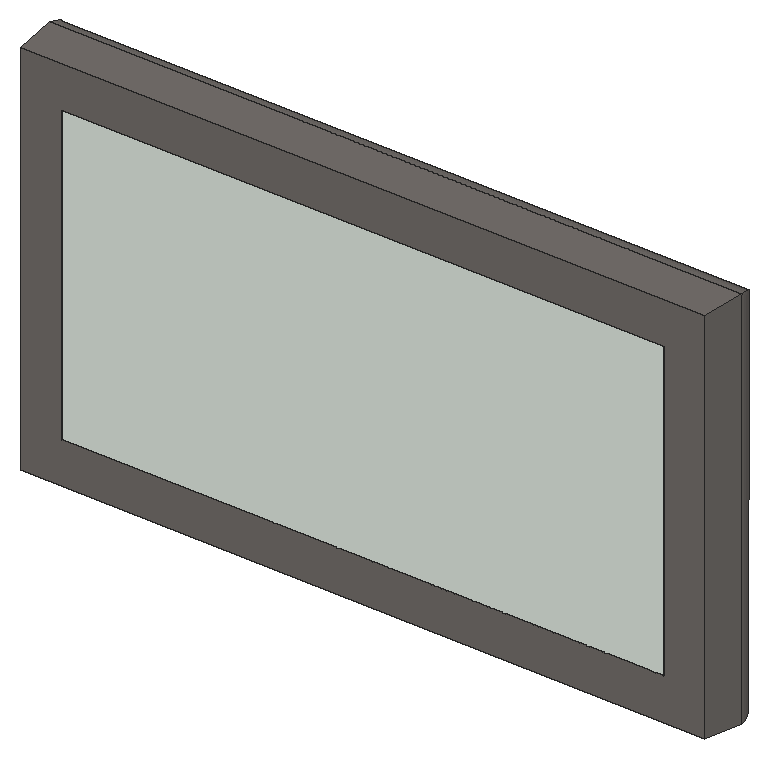
Revit family
Reference planes (in)
  plane 1: y = 0
  plane 2 "Center (Left/Right)": x = 0
  plane 3 "Wall Edge": y = 3
Forms (in)
  Extrusion 1, solid, material "BUD LIGHT 1"
    sketch origin (0, 4, 23.19051) x (1, 0, 0) y (0, 0, 1)
      loop
        line (-7.53974, 19.74936) -> (14.25, 19.74936) -> (14.25, 30.43278) -> (-7.53974, 30.43278) -> (-7.53974, 19.74936)
    from 0 to 1
  Sweep 2, solid, material "BUD LIGHT 5"
    path in 3D
      loop
        line (-7.53974, 3, 53.62329) -> (-7.53974, 3, 42.93987) -> (14.25, 3, 42.93987) -> (14.25, 3, 53.62329) -> (-7.53974, 3, 53.62329)
    profile origin (3.35513, 3, 53.62329) x (0, -1, 0) y (0, 0, 1)
      loop
        line (0, 0) -> (0, 1.5) -> (-1.5, 1.63123)
        arc (-1.5, 1.63123) -> (-2.31562, 0.81562) -> (-1.5, 0) r 0.81562
        line (-1.5, 0) -> (0, 0)
Lines and regions (in)
  sketch lines
    curve 1: line (14.25, 3, 53.62329) -> (-7.53974, 3, 53.62329)
    curve 2: line (-7.53974, 3, 53.62329) -> (-7.53974, 3, 42.93987)
    curve 3: line (-7.53974, 3, 42.93987) -> (14.25, 3, 42.93987)
    curve 4: line (14.25, 3, 42.93987) -> (14.25, 3, 53.62329)
Text (in)
  text "Placement Side" at (0, 40.15149, 123.01588), in view "Right"
  text "Placement Side" at (-70.3804, 28.46503, 0), in view "Ref. Level"
  text "Placement Side" at (0, 81.62555, 140.59947), in view "Left"
Dimensions and locks (in)
  locked: plane 3 "Wall Edge" to host wall
